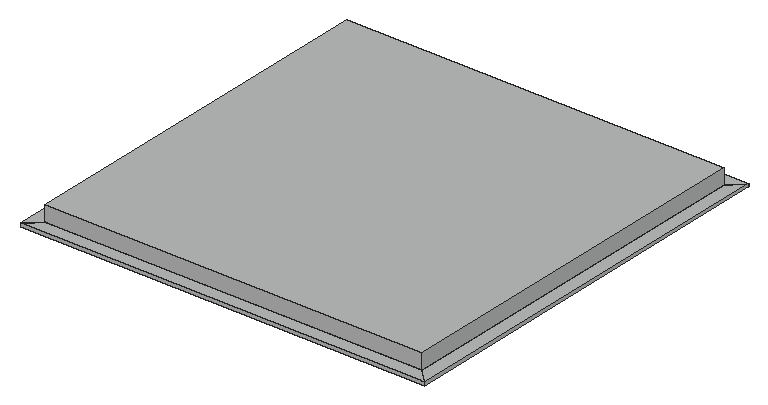
Revit family "AVRORA", category Осветительные приборы, Revit 2019 (continued)
Types (10, lengths in mm): name | built-in parameter 1150134 | Файл фотометрической сетки | built-in parameter 1150142 | built-in parameter 1150107 | Emit from Rectangle Width | Emit from Rectangle Length | Длина | Ширина | ADSK_Обозначение | ADSK_Наименование | ADSK_Код изделия
  AVRORA-32/prisma 603х603х25 (IP20, 5000К, в грильято) | 2 | "Светильник AVRORA-32 PRISMA-(595x595).ies" | "IESNA:LM-63-95\r\n[TEST] Протокол № 50-12 \r\n[DATA] 20.06.2016\r\n[MORE] \r\n[MANUFAC] ЗАО \"Центрстройсвет\"\r\n[LUMCAT]  Светильник ALUMOGIPS-38/OPAL-SAND-(610x610)\r\n[LUMINAIRE]\r\n[LAMPCAT] Светодиоды\r\n[LAMP] Поток источника света (светодиодов) не известен\r\n[MORE] КСС приведена в абсолютных величинах кд\r\n[MORE] Вместо потока лампы, указан поток светильника.\r\nTILT=NONE\r\n1    3750 1.0 37 73 1 2 0.61 0.61 0.04\r\n1.0 1.0 38.7\r\n0.0 5.0 10.0 15.0 20.0 25.0 30.0 35.0 40.0 45.0 50.0 55.0 60.0 65.0 70.0 75.0 80.0 85.0 90.0 95.0 100.0 105.0 110.0 115.0 120.0 125.0 130.0 135.0 140.0 145.0 150.0 155.0 160.0 165.0 170.0 175.0 180.0\r\n0.0 5.0 10.0 15.0 20.0 25.0 30.0 35.0 40.0 45.0 50.0 55.0 60.0 65.0 70.0 75.0 80.0 85.0 90.0 95.0 100.0 105.0 110.0 115.0 120.0 125.0 130.0 135.0 140.0 145.0 150.0 155.0 160.0 165.0 170.0 175.0 180.0 185.0 190.0 195.0 200.0 205.0 210.0 215.0 220.0 225.0 230.0 235.0 240.0 245.0 250.0 255.0 260.0 265.0 270.0 275.0 280.0 285.0 290.0 295.0 300.0 305.0 310.0 315.0 320.0 325.0 330.0 335.0 340.0 345.0 350.0 355.0 360.0\r\n1391.4 1390.6 1365.7 1330.6 1277.5 1214.9 1147.5 1059.6 967.6 873.2 772.4 664.9 556.3 449.1 342.7 240.6 147.1 64.2 4.7 0.0 0.0 0.0 0.0 0.0 0.0 0.0 0.0 0.0 0.0 0.0 0.0 0.0 0.0 0.0 0.0 0.0 0.0\r\n1391.4 1390.5 1367.8 1332.7 1284.3 1221.3 1147.0 1062.1 969.2 872.4 773.2 666.3 557.1 450.1 343.8 241.9 146.9 64.7 5.2 0.0 0.0 0.0 0.0 0.0 0.0 0.0 0.0 0.0 0.0 0.0 0.0 0.0 0.0 0.0 0.0 0.0 0.0\r\n1391.4 1390.2 1372.0 1333.3 1277.3 1216.8 1144.5 1057.4 969.6 875.1 773.8 669.5 560.0 454.6 345.8 242.4 148.5 65.8 5.4 0.0 0.0 0.0 0.0 0.0 0.0 0.0 0.0 0.0 0.0 0.0 0.0 0.0 0.0 0.0 0.0 0.0 0.0\r\n1391.4 1389.8 1371.2 1330.7 1279.5 1220.5 1148.3 1059.9 967.7 873.2 767.5 666.8 561.4 453.0 347.1 243.7 149.9 65.6 5.8 0.0 0.0 0.0 0.0 0.0 0.0 0.0 0.0 0.0 0.0 0.0 0.0 0.0 0.0 0.0 0.0 0.0 0.0\r\n1391.4 1389.8 1368.3 1329.3 1285.0 1214.6 1141.1 1058.7 971.8 871.3 775.2 666.9 559.4 452.6 345.8 242.5 150.0 65.8 6.1 0.0 0.0 0.0 0.0 0.0 0.0 0.0 0.0 0.0 0.0 0.0 0.0 0.0 0.0 0.0 0.0 0.0 0.0\r\n1391.4 1390.5 1367.3 1332.3 1281.7 1219.0 1142.8 1064.6 970.5 874.4 772.1 667.5 560.2 453.0 346.2 241.8 149.4 65.7 5.6 0.0 0.0 0.0 0.0 0.0 0.0 0.0 0.0 0.0 0.0 0.0 0.0 0.0 0.0 0.0 0.0 0.0 0.0\r\n1391.4 1391.4 1368.1 1333.5 1277.3 1215.7 1139.0 1059.6 968.1 872.4 771.6 667.4 558.8 453.3 344.3 243.9 148.4 65.7 5.4 0.0 0.0 0.0 0.0 0.0 0.0 0.0 0.0 0.0 0.0 0.0 0.0 0.0 0.0 0.0 0.0 0.0 0.0\r\n1391.4 1391.7 1368.1 1330.4 1278.2 1213.9 1142.4 1061.6 967.4 875.1 772.0 669.3 561.1 452.5 345.2 242.1 148.3 65.4 5.5 0.0 0.0 0.0 0.0 0.0 0.0 0.0 0.0 0.0 0.0 0.0 0.0 0.0 0.0 0.0 0.0 0.0 0.0\r\n1391.4 1391.5 1371.0 1328.4 1278.5 1216.7 1142.1 1061.2 971.8 874.7 772.1 668.9 560.8 452.9 345.4 243.3 147.7 66.0 5.4 0.0 0.0 0.0 0.0 0.0 0.0 0.0 0.0 0.0 0.0 0.0 0.0 0.0 0.0 0.0 0.0 0.0 0.0\r\n1391.4 1391.5 1373.2 1330.5 1277.3 1215.5 1143.2 1063.6 967.0 872.7 772.2 669.4 558.9 453.2 346.6 241.9 148.1 65.2 5.5 0.0 0.0 0.0 0.0 0.0 0.0 0.0 0.0 0.0 0.0 0.0 0.0 0.0 0.0 0.0 0.0 0.0 0.0\r\n1391.4 1391.4 1369.7 1328.3 1281.3 1216.0 1139.8 1057.9 968.7 875.3 773.9 667.6 561.8 454.0 344.0 243.1 147.2 65.6 5.5 0.0 0.0 0.0 0.0 0.0 0.0 0.0 0.0 0.0 0.0 0.0 0.0 0.0 0.0 0.0 0.0 0.0 0.0\r\n1391.4 1390.5 1367.9 1330.1 1278.1 1218.1 1138.9 1061.0 970.0 871.8 770.4 669.3 560.2 453.4 346.9 242.1 148.3 65.2 5.2 0.0 0.0 0.0 0.0 0.0 0.0 0.0 0.0 0.0 0.0 0.0 0.0 0.0 0.0 0.0 0.0 0.0 0.0\r\n1391.4 1389.3 1368.2 1329.1 1280.8 1214.4 1142.5 1059.2 967.2 874.3 772.4 668.0 563.1 452.3 345.7 242.8 146.8 64.9 5.1 0.0 0.0 0.0 0.0 0.0 0.0 0.0 0.0 0.0 0.0 0.0 0.0 0.0 0.0 0.0 0.0 0.0 0.0\r\n1391.4 1388.6 1367.4 1327.8 1278.0 1215.7 1141.0 1061.0 971.5 877.3 771.2 667.3 561.5 453.0 346.4 242.4 146.3 64.8 5.2 0.0 0.0 0.0 0.0 0.0 0.0 0.0 0.0 0.0 0.0 0.0 0.0 0.0 0.0 0.0 0.0 0.0 0.0\r\n1391.4 1388.0 1367.6 1326.7 1278.3 1218.0 1140.9 1061.5 968.4 873.4 770.1 666.6 562.1 454.6 344.8 241.8 146.4 64.0 5.5 0.0 0.0 0.0 0.0 0.0 0.0 0.0 0.0 0.0 0.0 0.0 0.0 0.0 0.0 0.0 0.0 0.0 0.0\r\n1391.4 1387.2 1366.1 1331.0 1281.4 1216.3 1142.7 1059.1 969.4 871.5 772.2 667.3 560.5 453.0 344.4 242.2 146.4 63.8 5.6 0.0 0.0 0.0 0.0 0.0 0.0 0.0 0.0 0.0 0.0 0.0 0.0 0.0 0.0 0.0 0.0 0.0 0.0\r\n1391.4 1387.1 1366.3 1328.7 1276.9 1214.5 1141.2 1059.3 968.4 874.3 775.5 668.3 562.5 454.9 346.4 241.3 146.2 63.5 5.7 0.0 0.0 0.0 0.0 0.0 0.0 0.0 0.0 0.0 0.0 0.0 0.0 0.0 0.0 0.0 0.0 0.0 0.0\r\n1391.4 1388.4 1366.0 1329.7 1279.2 1217.9 1140.0 1060.5 969.0 873.9 772.0 671.3 560.4 453.2 343.7 241.7 145.8 63.7 5.4 0.0 0.0 0.0 0.0 0.0 0.0 0.0 0.0 0.0 0.0 0.0 0.0 0.0 0.0 0.0 0.0 0.0 0.0\r\n1391.4 1389.6 1367.7 1329.3 1277.2 1211.1 1140.1 1061.0 971.0 871.2 769.2 669.1 561.5 453.1 343.3 241.9 145.8 63.4 5.2 0.0 0.0 0.0 0.0 0.0 0.0 0.0 0.0 0.0 0.0 0.0 0.0 0.0 0.0 0.0 0.0 0.0 0.0\r\n1391.4 1388.8 1366.9 1327.1 1279.4 1214.2 1142.5 1056.4 970.7 870.3 771.0 665.1 560.4 453.3 343.8 241.1 145.7 63.4 5.2 0.0 0.0 0.0 0.0 0.0 0.0 0.0 0.0 0.0 0.0 0.0 0.0 0.0 0.0 0.0 0.0 0.0 0.0\r\n1391.4 1387.2 1365.8 1328.9 1276.6 1210.2 1141.4 1059.3 966.6 871.4 770.5 667.4 559.2 451.4 344.2 241.0 145.6 63.2 5.1 0.0 0.0 0.0 0.0 0.0 0.0 0.0 0.0 0.0 0.0 0.0 0.0 0.0 0.0 0.0 0.0 0.0 0.0\r\n1391.4 1386.8 1364.4 1329.8 1279.4 1213.7 1144.0 1059.0 965.3 873.7 768.8 668.9 559.4 449.5 342.6 241.5 144.6 63.4 5.0 0.0 0.0 0.0 0.0 0.0 0.0 0.0 0.0 0.0 0.0 0.0 0.0 0.0 0.0 0.0 0.0 0.0 0.0\r\n1391.4 1388.1 1365.8 1328.1 1273.8 1213.4 1137.9 1059.2 967.3 869.2 769.3 667.7 558.4 451.4 344.0 240.6 145.7 63.4 4.9 0.0 0.0 0.0 0.0 0.0 0.0 0.0 0.0 0.0 0.0 0.0 0.0 0.0 0.0 0.0 0.0 0.0 0.0\r\n1391.4 1389.2 1364.4 1323.2 1276.3 1213.8 1137.6 1055.3 963.1 871.0 767.7 664.1 559.7 447.1 342.4 240.1 145.2 63.9 5.1 0.0 0.0 0.0 0.0 0.0 0.0 0.0 0.0 0.0 0.0 0.0 0.0 0.0 0.0 0.0 0.0 0.0 0.0\r\n1391.4 1388.4 1362.3 1326.8 1274.4 1212.2 1137.9 1054.7 966.7 867.9 768.7 663.4 557.3 449.2 343.3 240.0 145.7 63.6 5.0 0.0 0.0 0.0 0.0 0.0 0.0 0.0 0.0 0.0 0.0 0.0 0.0 0.0 0.0 0.0 0.0 0.0 0.0\r\n1391.4 1386.2 1361.8 1326.5 1273.3 1211.2 1134.5 1048.6 964.3 866.3 767.8 662.9 556.7 449.5 341.9 239.8 145.7 63.7 5.0 0.0 0.0 0.0 0.0 0.0 0.0 0.0 0.0 0.0 0.0 0.0 0.0 0.0 0.0 0.0 0.0 0.0 0.0\r\n1391.4 1384.4 1363.5 1324.4 1272.0 1209.5 1137.2 1053.0 960.2 867.5 767.9 662.7 556.7 449.2 342.5 239.1 146.2 63.8 4.8 0.0 0.0 0.0 0.0 0.0 0.0 0.0 0.0 0.0 0.0 0.0 0.0 0.0 0.0 0.0 0.0 0.0 0.0\r\n1391.4 1383.7 1362.4 1324.4 1274.0 1209.5 1134.4 1050.1 965.4 864.9 764.6 662.3 556.6 447.9 340.5 240.3 145.5 64.6 4.6 0.0 0.0 0.0 0.0 0.0 0.0 0.0 0.0 0.0 0.0 0.0 0.0 0.0 0.0 0.0 0.0 0.0 0.0\r\n1391.4 1384.4 1361.9 1326.9 1270.2 1207.3 1132.7 1050.1 959.7 867.7 763.1 662.2 555.0 447.3 343.0 238.3 145.8 63.9 4.7 0.0 0.0 0.0 0.0 0.0 0.0 0.0 0.0 0.0 0.0 0.0 0.0 0.0 0.0 0.0 0.0 0.0 0.0\r\n1391.4 1385.1 1363.0 1320.0 1270.4 1207.9 1134.4 1055.0 963.5 867.3 766.7 660.7 555.9 450.1 342.6 240.2 145.9 64.3 4.9 0.0 0.0 0.0 0.0 0.0 0.0 0.0 0.0 0.0 0.0 0.0 0.0 0.0 0.0 0.0 0.0 0.0 0.0\r\n1391.4 1384.9 1362.3 1321.4 1273.1 1208.0 1135.4 1052.3 961.9 865.0 764.0 660.8 553.5 447.6 341.2 240.3 146.1 63.8 4.8 0.0 0.0 0.0 0.0 0.0 0.0 0.0 0.0 0.0 0.0 0.0 0.0 0.0 0.0 0.0 0.0 0.0 0.0\r\n1391.4 1383.8 1361.2 1322.1 1265.1 1211.5 1132.8 1049.3 961.3 863.4 764.0 661.0 550.7 447.9 341.0 240.1 146.2 63.8 4.6 0.0 0.0 0.0 0.0 0.0 0.0 0.0 0.0 0.0 0.0 0.0 0.0 0.0 0.0 0.0 0.0 0.0 0.0\r\n1391.4 1382.8 1359.3 1321.5 1269.3 1206.8 1132.8 1051.1 958.3 863.2 763.1 662.7 553.4 448.0 340.4 240.0 145.8 63.8 4.0 0.0 0.0 0.0 0.0 0.0 0.0 0.0 0.0 0.0 0.0 0.0 0.0 0.0 0.0 0.0 0.0 0.0 0.0\r\n1391.4 1382.6 1359.0 1319.6 1268.1 1204.3 1129.8 1049.0 957.7 861.8 761.7 658.4 554.2 446.1 340.4 239.0 145.6 63.8 3.8 0.0 0.0 0.0 0.0 0.0 0.0 0.0 0.0 0.0 0.0 0.0 0.0 0.0 0.0 0.0 0.0 0.0 0.0\r\n1391.4 1382.8 1358.5 1315.8 1266.5 1202.1 1128.5 1049.2 957.6 860.0 762.1 658.2 549.9 443.8 339.6 238.4 145.7 63.6 3.7 0.0 0.0 0.0 0.0 0.0 0.0 0.0 0.0 0.0 0.0 0.0 0.0 0.0 0.0 0.0 0.0 0.0 0.0\r\n1391.4 1382.2 1360.5 1319.2 1265.9 1204.5 1129.9 1046.9 955.0 862.9 758.9 657.9 552.5 444.9 338.9 238.8 145.3 63.6 3.3 0.0 0.0 0.0 0.0 0.0 0.0 0.0 0.0 0.0 0.0 0.0 0.0 0.0 0.0 0.0 0.0 0.0 0.0\r\n1391.4 1381.1 1361.2 1321.0 1268.1 1203.8 1128.8 1047.4 955.6 863.7 761.1 656.4 551.5 445.2 339.2 238.5 144.7 62.5 3.5 0.0 0.0 0.0 0.0 0.0 0.0 0.0 0.0 0.0 0.0 0.0 0.0 0.0 0.0 0.0 0.0 0.0 0.0\r\n1391.4 1380.6 1359.0 1316.4 1268.5 1204.0 1126.1 1049.5 956.2 859.6 759.7 656.5 549.2 444.3 338.4 236.1 143.8 61.6 3.2 0.0 0.0 0.0 0.0 0.0 0.0 0.0 0.0 0.0 0.0 0.0 0.0 0.0 0.0 0.0 0.0 0.0 0.0\r\n1391.4 1380.7 1356.6 1316.0 1267.0 1205.6 1130.3 1044.8 956.9 856.7 759.3 653.5 548.1 441.9 335.3 235.4 141.4 60.3 2.9 0.0 0.0 0.0 0.0 0.0 0.0 0.0 0.0 0.0 0.0 0.0 0.0 0.0 0.0 0.0 0.0 0.0 0.0\r\n1391.4 1380.4 1354.4 1317.9 1268.8 1199.0 1129.0 1044.0 956.9 860.6 758.3 656.9 549.1 442.0 334.4 236.1 141.7 60.5 2.6 0.0 0.0 0.0 0.0 0.0 0.0 0.0 0.0 0.0 0.0 0.0 0.0 0.0 0.0 0.0 0.0 0.0 0.0\r\n1391.4 1380.1 1356.7 1322.1 1264.6 1201.7 1129.9 1047.4 957.2 859.7 758.2 656.1 549.4 442.8 335.3 235.8 141.3 60.6 2.3 0.0 0.0 0.0 0.0 0.0 0.0 0.0 0.0 0.0 0.0 0.0 0.0 0.0 0.0 0.0 0.0 0.0 0.0\r\n1391.4 1379.9 1357.3 1317.5 1265.9 1207.8 1129.2 1046.5 955.7 860.2 758.6 656.9 550.7 441.9 335.4 233.9 140.6 60.2 2.4 0.0 0.0 0.0 0.0 0.0 0.0 0.0 0.0 0.0 0.0 0.0 0.0 0.0 0.0 0.0 0.0 0.0 0.0\r\n1391.4 1379.2 1355.5 1314.6 1269.3 1203.7 1133.5 1044.8 957.2 857.9 762.0 656.6 548.7 440.4 335.9 234.5 140.4 59.8 2.8 0.0 0.0 0.0 0.0 0.0 0.0 0.0 0.0 0.0 0.0 0.0 0.0 0.0 0.0 0.0 0.0 0.0 0.0\r\n1391.4 1377.9 1357.1 1319.2 1271.9 1204.4 1128.6 1050.2 953.1 856.9 757.6 653.7 548.9 439.9 335.4 232.4 140.5 59.2 3.0 0.0 0.0 0.0 0.0 0.0 0.0 0.0 0.0 0.0 0.0 0.0 0.0 0.0 0.0 0.0 0.0 0.0 0.0\r\n1391.4 1377.2 1356.3 1322.9 1266.0 1204.8 1132.2 1049.0 958.1 859.3 759.0 654.6 547.0 441.6 334.9 232.1 139.3 58.8 2.9 0.0 0.0 0.0 0.0 0.0 0.0 0.0 0.0 0.0 0.0 0.0 0.0 0.0 0.0 0.0 0.0 0.0 0.0\r\n1391.4 1377.8 1353.8 1319.7 1269.6 1207.9 1135.8 1049.5 955.8 858.0 762.4 655.9 548.2 441.6 335.6 231.7 139.4 58.8 2.8 0.0 0.0 0.0 0.0 0.0 0.0 0.0 0.0 0.0 0.0 0.0 0.0 0.0 0.0 0.0 0.0 0.0 0.0\r\n1391.4 1378.5 1355.2 1319.8 1267.3 1206.5 1131.2 1046.1 954.6 861.2 756.6 653.8 548.1 440.3 335.0 232.6 138.6 59.0 2.9 0.0 0.0 0.0 0.0 0.0 0.0 0.0 0.0 0.0 0.0 0.0 0.0 0.0 0.0 0.0 0.0 0.0 0.0\r\n1391.4 1378.6 1355.1 1318.3 1269.7 1200.8 1133.1 1049.0 957.6 862.5 762.4 656.9 549.3 443.5 334.7 231.2 138.8 58.1 3.0 0.0 0.0 0.0 0.0 0.0 0.0 0.0 0.0 0.0 0.0 0.0 0.0 0.0 0.0 0.0 0.0 0.0 0.0\r\n1391.4 1378.8 1355.8 1321.7 1268.8 1210.0 1129.0 1048.5 958.8 862.4 762.2 656.4 549.0 441.1 335.4 231.5 138.5 58.1 3.0 0.0 0.0 0.0 0.0 0.0 0.0 0.0 0.0 0.0 0.0 0.0 0.0 0.0 0.0 0.0 0.0 0.0 0.0\r\n1391.4 1379.6 1357.6 1321.7 1269.0 1207.1 1133.9 1047.0 964.1 863.3 761.9 656.4 551.5 440.7 334.9 232.2 137.6 58.1 2.8 0.0 0.0 0.0 0.0 0.0 0.0 0.0 0.0 0.0 0.0 0.0 0.0 0.0 0.0 0.0 0.0 0.0 0.0\r\n1391.4 1380.6 1357.7 1319.2 1272.0 1207.5 1131.3 1054.6 959.0 863.3 764.8 655.9 549.1 443.0 335.1 231.3 138.0 58.1 2.7 0.0 0.0 0.0 0.0 0.0 0.0 0.0 0.0 0.0 0.0 0.0 0.0 0.0 0.0 0.0 0.0 0.0 0.0\r\n1391.4 1381.5 1358.5 1321.9 1271.0 1204.1 1135.9 1055.8 962.5 865.5 761.1 656.9 550.6 442.0 335.3 231.9 137.4 57.9 2.6 0.0 0.0 0.0 0.0 0.0 0.0 0.0 0.0 0.0 0.0 0.0 0.0 0.0 0.0 0.0 0.0 0.0 0.0\r\n1391.4 1381.3 1358.5 1322.3 1270.8 1207.2 1133.7 1051.9 958.0 867.3 767.5 657.0 552.1 442.3 333.6 231.2 137.9 57.8 2.6 0.0 0.0 0.0 0.0 0.0 0.0 0.0 0.0 0.0 0.0 0.0 0.0 0.0 0.0 0.0 0.0 0.0 0.0\r\n1391.4 1380.6 1359.4 1319.7 1270.6 1209.0 1133.0 1052.1 963.9 867.5 764.1 660.0 554.0 443.3 334.8 231.7 137.6 57.8 2.7 0.0 0.0 0.0 0.0 0.0 0.0 0.0 0.0 0.0 0.0 0.0 0.0 0.0 0.0 0.0 0.0 0.0 0.0\r\n1391.4 1381.3 1359.9 1321.3 1270.6 1204.8 1135.0 1051.3 962.1 865.5 761.7 660.3 553.1 443.5 334.1 231.9 137.9 57.8 2.8 0.0 0.0 0.0 0.0 0.0 0.0 0.0 0.0 0.0 0.0 0.0 0.0 0.0 0.0 0.0 0.0 0.0 0.0\r\n1391.4 1383.1 1362.1 1324.8 1273.8 1208.7 1134.8 1055.9 961.8 866.4 762.3 659.7 552.4 443.7 334.4 232.8 138.0 58.0 2.8 0.0 0.0 0.0 0.0 0.0 0.0 0.0 0.0 0.0 0.0 0.0 0.0 0.0 0.0 0.0 0.0 0.0 0.0\r\n1391.4 1384.6 1360.4 1321.7 1272.0 1210.6 1130.9 1052.5 963.1 866.7 767.4 659.3 553.7 444.6 335.4 233.1 138.3 58.0 2.8 0.0 0.0 0.0 0.0 0.0 0.0 0.0 0.0 0.0 0.0 0.0 0.0 0.0 0.0 0.0 0.0 0.0 0.0\r\n1391.4 1385.6 1357.5 1324.7 1273.9 1211.6 1134.3 1052.7 963.6 865.4 763.1 658.7 552.2 444.9 336.9 232.8 138.8 58.6 2.9 0.0 0.0 0.0 0.0 0.0 0.0 0.0 0.0 0.0 0.0 0.0 0.0 0.0 0.0 0.0 0.0 0.0 0.0\r\n1391.4 1386.4 1357.8 1323.4 1273.2 1212.2 1136.3 1054.7 967.5 867.5 764.0 659.4 553.3 443.7 336.8 233.2 138.9 58.5 3.1 0.0 0.0 0.0 0.0 0.0 0.0 0.0 0.0 0.0 0.0 0.0 0.0 0.0 0.0 0.0 0.0 0.0 0.0\r\n1391.4 1386.6 1362.0 1324.9 1273.2 1211.3 1139.0 1049.9 960.3 866.4 768.0 661.3 552.2 443.4 336.3 233.4 139.8 58.9 3.1 0.0 0.0 0.0 0.0 0.0 0.0 0.0 0.0 0.0 0.0 0.0 0.0 0.0 0.0 0.0 0.0 0.0 0.0\r\n1391.4 1386.0 1360.5 1326.0 1271.8 1212.0 1137.2 1059.3 963.5 867.6 766.9 661.2 552.3 445.8 337.8 233.6 141.0 59.2 3.3 0.0 0.0 0.0 0.0 0.0 0.0 0.0 0.0 0.0 0.0 0.0 0.0 0.0 0.0 0.0 0.0 0.0 0.0\r\n1391.4 1385.0 1362.3 1325.1 1272.0 1207.1 1138.5 1053.6 964.5 865.8 766.5 661.6 554.3 445.9 337.0 234.5 140.4 60.2 3.5 0.0 0.0 0.0 0.0 0.0 0.0 0.0 0.0 0.0 0.0 0.0 0.0 0.0 0.0 0.0 0.0 0.0 0.0\r\n1391.4 1384.4 1361.8 1323.6 1274.0 1214.8 1138.9 1053.9 968.0 867.9 769.0 663.8 555.6 446.7 339.6 235.0 141.3 60.4 3.4 0.0 0.0 0.0 0.0 0.0 0.0 0.0 0.0 0.0 0.0 0.0 0.0 0.0 0.0 0.0 0.0 0.0 0.0\r\n1391.4 1385.0 1360.9 1322.2 1272.4 1209.8 1137.2 1055.7 962.7 869.7 769.6 658.2 556.6 447.4 338.5 236.2 142.5 60.7 3.4 0.0 0.0 0.0 0.0 0.0 0.0 0.0 0.0 0.0 0.0 0.0 0.0 0.0 0.0 0.0 0.0 0.0 0.0\r\n1391.4 1386.6 1363.1 1323.6 1272.5 1211.5 1139.2 1058.4 969.9 868.0 768.8 664.6 556.3 445.8 342.1 236.1 142.3 61.2 3.5 0.0 0.0 0.0 0.0 0.0 0.0 0.0 0.0 0.0 0.0 0.0 0.0 0.0 0.0 0.0 0.0 0.0 0.0\r\n1391.4 1388.6 1360.9 1330.2 1273.7 1213.2 1138.7 1058.3 966.2 867.0 766.8 663.4 553.3 447.1 339.2 238.7 143.0 61.4 3.8 0.0 0.0 0.0 0.0 0.0 0.0 0.0 0.0 0.0 0.0 0.0 0.0 0.0 0.0 0.0 0.0 0.0 0.0\r\n1391.4 1389.8 1360.8 1328.4 1276.8 1216.0 1140.1 1055.8 963.1 870.3 768.4 663.1 554.0 449.1 340.1 237.3 144.8 61.7 3.8 0.0 0.0 0.0 0.0 0.0 0.0 0.0 0.0 0.0 0.0 0.0 0.0 0.0 0.0 0.0 0.0 0.0 0.0\r\n1391.4 1389.3 1362.5 1325.9 1278.0 1210.4 1138.2 1054.7 967.8 872.7 770.2 661.9 556.5 446.9 341.3 237.7 144.4 62.5 3.9 0.0 0.0 0.0 0.0 0.0 0.0 0.0 0.0 0.0 0.0 0.0 0.0 0.0 0.0 0.0 0.0 0.0 0.0\r\n1391.4 1387.8 1365.8 1326.6 1274.3 1213.2 1141.4 1053.1 966.2 871.2 768.4 663.7 555.0 447.1 341.3 238.2 144.3 62.7 4.1 0.0 0.0 0.0 0.0 0.0 0.0 0.0 0.0 0.0 0.0 0.0 0.0 0.0 0.0 0.0 0.0 0.0 0.0\r\n1391.4 1387.2 1364.2 1328.3 1274.8 1209.4 1145.0 1060.0 963.9 867.5 766.5 663.4 556.7 448.2 340.9 240.3 144.7 63.3 4.0 0.0 0.0 0.0 0.0 0.0 0.0 0.0 0.0 0.0 0.0 0.0 0.0 0.0 0.0 0.0 0.0 0.0 0.0\r\n1391.4 1388.4 1364.9 1332.6 1279.0 1215.6 1140.9 1056.3 969.3 867.1 770.0 663.8 559.0 449.0 342.4 240.3 145.7 63.3 4.7 0.0 0.0 0.0 0.0 0.0 0.0 0.0 0.0 0.0 0.0 0.0 0.0 0.0 0.0 0.0 0.0 0.0 0.0\r\n1391.4 1390.0 1364.5 1329.3 1281.4 1217.7 1141.3 1063.3 970.3 871.1 768.8 663.5 555.2 449.3 342.4 239.8 146.6 63.3 4.9 0.0 0.0 0.0 0.0 0.0 0.0 0.0 0.0 0.0 0.0 0.0 0.0 0.0 0.0 0.0 0.0 0.0 0.0\r\n1391.4 1390.6 1365.7 1330.6 1277.5 1214.9 1147.5 1059.6 967.6 873.2 772.4 664.9 556.3 449.1 342.7 240.6 147.1 64.2 4.7 0.0 0.0 0.0 0.0 0.0 0.0 0.0 0.0 0.0 0.0 0.0 0.0 0.0 0.0 0.0 0.0 0.0 0.0\r\n" | 5000 (stored number, unit not read) | 563 | 563 | 603 | 603 | "AVRORA-32/prisma 603х603х25 (IP20, 5000К, в грильято)" | "Встраиваемый светодиодный светильник AVRORA-32/prisma 603х603х25 (IP20, 5000К, в грильято)" | "ЦБ000009314"
